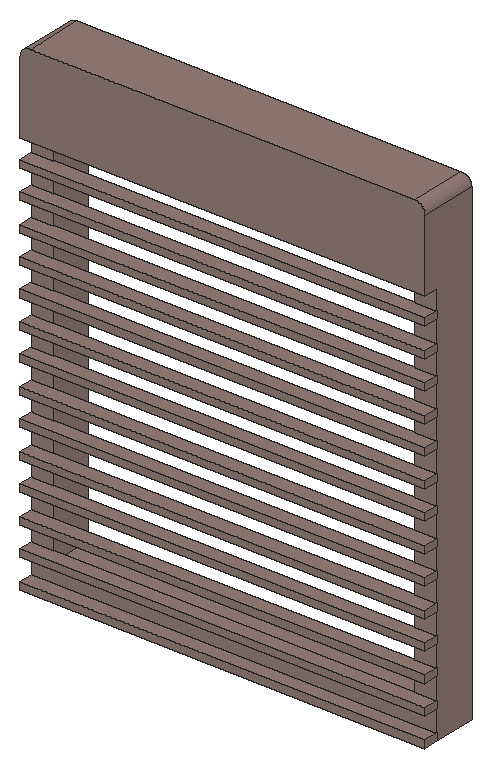
Revit family "Lighting-Exterior_Accent", category Lighting Fixtures, Revit 2026
Family settings
  Round Connector Dimension = Use Diameter
  Part Type = Normal
  Classification Number = 23.80.70.14
  Work Plane-Based = No
  Always vertical = Yes
  Cut with Voids When Loaded = No
  Light Source = Yes
  Maintain Annotation Orientation = No
  Shared = No
  Room Calculation Point = No
Parameters (values of type "ByType")
  Wattage = 12.1178 W
  Warranty Duration (Years) = 1
  built-in parameter 1150110 = 1 (stored number, unit not read)
  Voltage = 120
  built-in parameter 1114217 = 1 (stored number, unit not read)
  Test Data = ""
  built-in parameter 1150109 = 1 (stored number, unit not read)
  built-in parameter 1150134 = 3
  built-in parameter 1150113 = 1 (stored number, unit not read)
  Specification = "http://www.arcat.com/divs/sec/sec16520.shtml"
  Shade Material [instance] = ARCAT - Metal, Bronze
  Shade Diameter [instance] = 1' - 4"
  Sales Information = ""
  Radius [instance] = Shade Diameter / 2  # 0' - 8"
  Product Properties = "http://www.arcat.com/bim/bim_info.pl?fn=Lamp_Table"
  Product Data = "http://www.arcat.com/divs/sec/sec16520.shtml"
  Model = "Exterior Accent Luminary"
  Manufacturer Website = "http://www.arcat.com/"
  Manufacturer Phone - Toll Free = ""
  Manufacturer Phone = "(203) 929-9444"  # constant formula
  Manufacturer Fax = "(203) 929-2444"  # constant formula
  Manufacturer Email = "bim@arcat.com"  # constant formula
  Manufacturer Address = "1077 Bridgeport Ave, Shelton, CT  06484"  # constant formula
  Manufacturer = "Generic"  # constant formula
  Maintenance Schedule (Months) = 12
  built-in parameter 1150105 = 572.96 (stored number, unit not read)
  Lumens = 1800 lm
  built-in parameter 1150115 = 1 (stored number, unit not read)
  Light Source Symbol Size = 0' - 6"
  built-in parameter 1150137 = (empty or 0)
  built-in parameter 1150139 = (empty or 0)
  built-in parameter 1150112 = 1 (stored number, unit not read)
  built-in parameter 1150114 = 1 (stored number, unit not read)
  Lamp Accent Finish [instance] = ARCAT - Plastic, Grey
  Lamp = "E26/A19"
  Keynote = "16520"
  Installation-Fabrication = ""
  Installation Phase = ""
  built-in parameter 1150132 = 2
  built-in parameter 1150102 = (empty or 0)
  built-in parameter 1150107 = 3200 (stored number, unit not read)
  built-in parameter 1150138 = (empty or 0)
  built-in parameter 1150106 = 5.7296 (stored number, unit not read)
  Height Lamp = 1' - 2"
  Green Building-LEED = "http://www.arcat.com/green/green_building.shtml"
  Expected Lifespan (Years) = 20
  built-in parameter 1150104 = 13.8 (stored number, unit not read)
  Drawn By = "Robert S. Weygant. CSI, CDT, SCIP"  # constant formula
  Dimming Lamp Color Temperature Shift = <None>
  Description = "Exterior Accent Luminary as Specified in 16520"
  Default Elevation = 0' - 0"
  Copyright = "2008, ARCAT, Inc."  # constant formula
  Construction Details = "http://www.arcat.com/divs/sec/sec16520.shtml"
  Color Filter = 16777215
  Bulb Type = Incandescent_Bulb : 60 Watt Incandescent
  Bulb Life-Hrs [instance] = 10000
  Building Codes = ""
  built-in parameter 1114218 = 1 (stored number, unit not read)
  built-in parameter 1150133 = 10 (stored number, unit not read)
  Assembly Code = "D5020200"
  Array = (Height Lamp / (1' 0" / 12))  # 14
  Amperage = 0.5
  A = 1' - 2"
Reference planes (in)
  plane 1 "Light Source Axis (F/B)": y = 0
  plane 2: z = 0
  plane 3 "Light Source Axis (L/R)": x = 0
  plane 4 "Light Source Elevation": z = 30
  plane 5: z = 0
  plane 6: x = 0
  plane 7: x = -7
  plane 8: x = 7
  plane 9: z = 23
  plane 10: z = 37
Forms (in)
  Sweep 1, solid, not visible
    path origin (0, 0, 0) x (1, 0, 0) y (0, 1, 0)
      loop
        circle (0, 0) r 7.5
    profile origin (0, 7.5, 0) x (0, -1, 0) y (0, 0, 1)
      loop
        line (0.25, 17.25) -> (0.28254, 17.25) -> (5.97194, 24.5) -> (5.93939, 24.5) -> (0.25, 17.25)
  Sweep 2, solid, not visible
    path origin (0, 0, 12.5) x (1, 0, 0) y (0, 1, 0)
      loop
        circle (0, 0) r 0.75
    profile origin (0, 0.75, 12.5) x (0, -1, 0) y (0, 0, 1)
      loop
        line (0.06468, 1.625) -> (0, 1.5) -> (0.73828, 1.5) -> (0.73828, 2.25) -> (0, 2.25) -> (0.06468, 2.125) -> (0, 2) -> (0.06468, 1.875) -> (0, 1.75) -> (0.06468, 1.625)
  Revolve 3, solid, not visible
    sketch origin (0, 0, -2) x (1, 0, 0) y (0, 0, 1)
      loop
        line (0, 16.75) -> (0, 17.48819)
        arc (0, 17.48819) -> (-0.5296, 17.27617) -> (-0.75, 16.75) r 0.73828
        line (-0.75, 16.75) -> (0, 16.75)
      axis (0, 16.75) -> (0, 17.48819)
    angle from 0 to 360
  Extrusion 4, solid, not visible
    sketch origin (0, 0, 15.46875) x (1, 0, 0) y (0, 1, 0)
      loop
        circle (0, 0) r 0.125
    from 0 to 1
  Sweep 5, solid, not visible
    path origin (0, 0, 0) x (1, 0, 0) y (0, 1, 0)
      loop
        circle (0, 0) r 0.5
    profile origin (0, 0.5, 0) x (0, -1, 0) y (0, 0, 1)
      loop
        line (0.46875, 16.46875) -> (0.46875, 17.62889) -> (-0.06583, 17.62889) -> (-0.06583, 16.85487)
        arc (-0.06583, 16.85487) -> (0.08199, 16.57893) -> (0.375, 16.46875) r 0.4447
        line (0.375, 16.46875) -> (0.46875, 16.46875)
  Sweep 6, solid, not visible
    path origin (0, 0, 0) x (1, 0, 0) y (0, 1, 0)
      loop
        circle (0, 0) r 7.25
    profile origin (0, 7.25, 0) x (0, -1, 0) y (0, 0, 1)
      loop
        line (0.25, 17.25) -> (0.28254, 17.25) -> (5.97194, 24.5) -> (5.93939, 24.5) -> (0.25, 17.25)
  Sweep 7, solid, material "ARCAT - Metal, Bronze" <- "Shade Material", not visible
    path origin (0, 0, 0) x (1, 0, 0) y (0, 1, 0)
      loop
        circle (0, 0) r 8
    profile origin (0, 8, 0) x (0, -1, 0) y (0, 0, 1)
      loop
        line (0.25, 17.25) -> (0.28254, 17.25) -> (5.97194, 24.5) -> (5.93939, 24.5) -> (0.25, 17.25)
  Sweep 8, solid, not visible
    path origin (0, 0, 12.5) x (1, 0, 0) y (0, 1, 0)
      loop
        circle (0, 0) r 0.75
    profile origin (0, 0.75, 12.5) x (0, -1, 0) y (0, 0, 1)
      loop
        line (0.06468, 1.625) -> (0, 1.5) -> (0.73828, 1.5) -> (0.73828, 2.25) -> (0, 2.25) -> (0.06468, 2.125) -> (0, 2) -> (0.06468, 1.875) -> (0, 1.75) -> (0.06468, 1.625)
  Revolve 9, solid, not visible
    sketch origin (0, 0, -2) x (1, 0, 0) y (0, 0, 1)
      loop
        line (0, 16.75) -> (0, 17.48819)
        arc (0, 17.48819) -> (-0.5296, 17.27617) -> (-0.75, 16.75) r 0.73828
        line (-0.75, 16.75) -> (0, 16.75)
      axis (0, 16.75) -> (0, 17.48819)
    angle from 0 to 360
  Extrusion 10, solid, not visible
    sketch origin (0, 0, 15.46875) x (1, 0, 0) y (0, 1, 0)
      loop
        circle (0, 0) r 0.125
    from 0 to 1
  Sweep 11, solid, not visible
    path origin (0, 0, 0) x (1, 0, 0) y (0, 1, 0)
      loop
        circle (0, 0) r 0.5
    profile origin (0, 0.5, 0) x (0, -1, 0) y (0, 0, 1)
      loop
        line (0.46875, 16.46875) -> (0.46875, 17.62889) -> (-0.06583, 17.62889) -> (-0.06583, 16.85487)
        arc (-0.06583, 16.85487) -> (0.08199, 16.57893) -> (0.375, 16.46875) r 0.4447
        line (0.375, 16.46875) -> (0.46875, 16.46875)
  Extrusion 12, solid, not visible
    sketch origin (0, 0, 15.46875) x (1, 0, 0) y (0, 1, 0)
      loop
        circle (0, 0) r 0.125
    from 0 to 1
  Sweep 13, solid, not visible
    path origin (0, 0, 0) x (1, 0, 0) y (0, 1, 0)
      loop
        circle (0, 0) r 0.5
    profile origin (0, 0.5, 0) x (0, -1, 0) y (0, 0, 1)
      loop
        line (0.46875, 16.46875) -> (0.46875, 17.62889) -> (-0.06583, 17.62889) -> (-0.06583, 16.85487)
        arc (-0.06583, 16.85487) -> (0.08199, 16.57893) -> (0.375, 16.46875) r 0.4447
        line (0.375, 16.46875) -> (0.46875, 16.46875)
  Sweep 14, solid, material "ARCAT - Plastic, Grey" <- "Lamp Accent Finish", not visible
    path origin (0, 0, 12.5) x (1, 0, 0) y (0, 1, 0)
      loop
        circle (0, 0) r 0.75
    profile origin (0, 0.75, 12.5) x (0, -1, 0) y (0, 0, 1)
      loop
        line (0.06468, 1.625) -> (0, 1.5) -> (0.73828, 1.5) -> (0.73828, 2.25) -> (0, 2.25) -> (0.06468, 2.125) -> (0, 2) -> (0.06468, 1.875) -> (0, 1.75) -> (0.06468, 1.625)
  Sweep 15, solid, material "ARCAT - Plastic, Brown", not visible
    path origin (0, 0, 0) x (1, 0, 0) y (0, 1, 0)
      loop
        circle (0, 0) r 0.5
    profile origin (0, 0.5, 0) x (0, -1, 0) y (0, 0, 1)
      loop
        line (0.46875, 16.46875) -> (0.46875, 17.62889) -> (-0.06583, 17.62889) -> (-0.06583, 16.85487)
        arc (-0.06583, 16.85487) -> (0.08199, 16.57893) -> (0.375, 16.46875) r 0.4447
        line (0.375, 16.46875) -> (0.46875, 16.46875)
  Extrusion 16, solid, material "ARCAT - Metal, Bronze" <- "Shade Material"
    sketch origin (0, 0, 0) x (1, 0, 0) y (0, 0, 1)
      loop
        line (-7, 37) -> (7, 37) -> (7, 39.5)
        arc (7, 39.5) -> (6.89645, 39.75) -> (6.64645, 39.85355) r 0.35355
        line (6.64645, 39.85355) -> (-6.64645, 39.85355)
        arc (-6.64645, 39.85355) -> (-6.89645, 39.75) -> (-7, 39.5) r 0.35355
        line (-7, 39.5) -> (-7, 37)
    from 0 to 2
  Extrusion 17, solid, material "ARCAT - Metal, Bronze" <- "Shade Material"
    sketch origin (0, 0, 0) x (1, 0, 0) y (0, 0, 1)
      loop
        line (-7, 37) -> (-7, 23) -> (7, 23) -> (7, 37) -> (6.25, 37) -> (6.25, 23.89849) -> (-6.25, 23.89849) -> (-6.25, 37) -> (-7, 37)
    from 0 to 1.5
  Blend 18, solid, not visible
    base sketch origin (0, -1.5, 0) x (1, 0, 0) y (0, 0, 1)
      loop
        line (-7, 24) -> (7, 24) -> (7, 24.34626) -> (-7, 24.34626) -> (-7, 24)
    top sketch origin (0, -1.5, 0) x (1, 0, 0) y (0, 0, 1)
      loop
        line (7, 24) -> (7, 24.06404) -> (-7, 24.06404) -> (-7, 24) -> (7, 24)
    from 0 to 0.5
  Extrusion 19, solid, material "ARCAT - Metal, Bronze" <- "Shade Material"
    sketch origin (0, 0, 0) x (1, 0, 0) y (0, 0, 1)
      loop
        line (-7, 23) -> (7, 23) -> (7, 23.25) -> (-7, 23.25) -> (-7, 23)
    from 1.5 to 2
  Extrusion 20, solid, material "ARCAT - Metal, Bronze" <- "Shade Material"
    sketch origin (0, 0, 1.00549) x (1, 0, 0) y (0, 0, 1)
      loop
        line (-7, 23) -> (7, 23) -> (7, 23.25) -> (-7, 23.25) -> (-7, 23)
    from 1.5 to 2
  Extrusion 21, solid, material "ARCAT - Metal, Bronze" <- "Shade Material"
    sketch origin (0, 0, 2.01099) x (1, 0, 0) y (0, 0, 1)
      loop
        line (-7, 23) -> (7, 23) -> (7, 23.25) -> (-7, 23.25) -> (-7, 23)
    from 1.5 to 2
  Extrusion 22, solid, material "ARCAT - Metal, Bronze" <- "Shade Material"
    sketch origin (0, 0, 3.01648) x (1, 0, 0) y (0, 0, 1)
      loop
        line (-7, 23) -> (7, 23) -> (7, 23.25) -> (-7, 23.25) -> (-7, 23)
    from 1.5 to 2
  Extrusion 23, solid, material "ARCAT - Metal, Bronze" <- "Shade Material"
    sketch origin (0, 0, 4.02198) x (1, 0, 0) y (0, 0, 1)
      loop
        line (-7, 23) -> (7, 23) -> (7, 23.25) -> (-7, 23.25) -> (-7, 23)
    from 1.5 to 2
  Extrusion 24, solid, material "ARCAT - Metal, Bronze" <- "Shade Material"
    sketch origin (0, 0, 5.02747) x (1, 0, 0) y (0, 0, 1)
      loop
        line (-7, 23) -> (7, 23) -> (7, 23.25) -> (-7, 23.25) -> (-7, 23)
    from 1.5 to 2
  Extrusion 25, solid, material "ARCAT - Metal, Bronze" <- "Shade Material"
    sketch origin (0, 0, 6.03297) x (1, 0, 0) y (0, 0, 1)
      loop
        line (-7, 23) -> (7, 23) -> (7, 23.25) -> (-7, 23.25) -> (-7, 23)
    from 1.5 to 2
  Extrusion 26, solid, material "ARCAT - Metal, Bronze" <- "Shade Material"
    sketch origin (0, 0, 7.03846) x (1, 0, 0) y (0, 0, 1)
      loop
        line (-7, 23) -> (7, 23) -> (7, 23.25) -> (-7, 23.25) -> (-7, 23)
    from 1.5 to 2
  Extrusion 27, solid, material "ARCAT - Metal, Bronze" <- "Shade Material"
    sketch origin (0, 0, 8.04396) x (1, 0, 0) y (0, 0, 1)
      loop
        line (-7, 23) -> (7, 23) -> (7, 23.25) -> (-7, 23.25) -> (-7, 23)
    from 1.5 to 2
  Extrusion 28, solid, material "ARCAT - Metal, Bronze" <- "Shade Material"
    sketch origin (0, 0, 9.04945) x (1, 0, 0) y (0, 0, 1)
      loop
        line (-7, 23) -> (7, 23) -> (7, 23.25) -> (-7, 23.25) -> (-7, 23)
    from 1.5 to 2
  Extrusion 29, solid, material "ARCAT - Metal, Bronze" <- "Shade Material"
    sketch origin (0, 0, 10.05495) x (1, 0, 0) y (0, 0, 1)
      loop
        line (-7, 23) -> (7, 23) -> (7, 23.25) -> (-7, 23.25) -> (-7, 23)
    from 1.5 to 2
  Extrusion 30, solid, material "ARCAT - Metal, Bronze" <- "Shade Material"
    sketch origin (0, 0, 11.06044) x (1, 0, 0) y (0, 0, 1)
      loop
        line (-7, 23) -> (7, 23) -> (7, 23.25) -> (-7, 23.25) -> (-7, 23)
    from 1.5 to 2
  Extrusion 31, solid, material "ARCAT - Metal, Bronze" <- "Shade Material"
    sketch origin (0, 0, 12.06593) x (1, 0, 0) y (0, 0, 1)
      loop
        line (-7, 23) -> (7, 23) -> (7, 23.25) -> (-7, 23.25) -> (-7, 23)
    from 1.5 to 2
  Extrusion 32, solid, material "ARCAT - Metal, Bronze" <- "Shade Material"
    sketch origin (0, 0, 13.07143) x (1, 0, 0) y (0, 0, 1)
      loop
        line (-7, 23) -> (7, 23) -> (7, 23.25) -> (-7, 23.25) -> (-7, 23)
    from 1.5 to 2
Cuts and joins
  joined: Extrusion 16, Extrusion 17
Dimensions and locks (in)
  locked: plane 4 "Light Source Elevation" to level at 30
  "Radius": plane 6 to Sweep 7 sketch curve
  locked: plane 7 to plane 8 at 14
  "Height Lamp": plane 10 to plane 9
  equal spacing: plane 10, plane 4 "Light Source Elevation", plane 9
  equal spacing: Extrusion 19, imposter light, Extrusion 19
  Extrusion 20 to Extrusion 20 = 1' - 2"
  equal spacing: group 10, group 11, group 12, group 13, group 14, group 15, group 16, group 17, group 18, group 19, group 20, group 21, group 22, group 23  (x3)
  Extrusion 21 to Extrusion 21 = 1' - 2"
  Extrusion 22 to Extrusion 22 = 1' - 2"
  Extrusion 23 to Extrusion 23 = 1' - 2"
  Extrusion 24 to Extrusion 24 = 1' - 2"
  Extrusion 25 to Extrusion 25 = 1' - 2"
  Extrusion 26 to Extrusion 26 = 1' - 2"
  Extrusion 27 to Extrusion 27 = 1' - 2"
  Extrusion 28 to Extrusion 28 = 1' - 2"
  Extrusion 29 to Extrusion 29 = 1' - 2"
  Extrusion 30 to Extrusion 30 = 1' - 2"
  Extrusion 31 to Extrusion 31 = 1' - 2"
  "A": Extrusion 19 sketch curve to Extrusion 19 sketch curve
  "A": Extrusion 20 sketch curve to Extrusion 20 sketch curve
  "A": Extrusion 21 sketch curve to Extrusion 21 sketch curve
  "A": Extrusion 22 sketch curve to Extrusion 22 sketch curve
  "A": Extrusion 23 sketch curve to Extrusion 23 sketch curve
  "A": Extrusion 24 sketch curve to Extrusion 24 sketch curve
  "A": Extrusion 25 sketch curve to Extrusion 25 sketch curve
  "A": Extrusion 26 sketch curve to Extrusion 26 sketch curve
  "A": Extrusion 27 sketch curve to Extrusion 27 sketch curve
  "A": Extrusion 28 sketch curve to Extrusion 28 sketch curve
  "A": Extrusion 29 sketch curve to Extrusion 29 sketch curve
  "A": Extrusion 30 sketch curve to Extrusion 30 sketch curve
  "A": Extrusion 31 sketch curve to Extrusion 31 sketch curve
  equal spacing: plane 7, plane 3 "Light Source Axis (L/R)", plane 8
  Extrusion 32 to Extrusion 32 = 1' - 2"
  "A": Extrusion 32 sketch curve to Extrusion 32 sketch curve
  aligned and locked: plane 10 to Extrusion 16 sketch curve
  aligned and locked: Extrusion 17 sketch curve to plane 9
  aligned and locked: Extrusion 17 sketch curve to plane 10  (x2)
  aligned and locked: plane 7 to Extrusion 17 sketch curve
  aligned and locked: Extrusion 17 sketch curve to plane 8
  aligned and locked: Extrusion 16 sketch curve to plane 7
  aligned and locked: Extrusion 16 sketch curve to plane 8
  aligned and locked: Extrusion 19 to plane 9
  aligned and locked: plane 7 to Extrusion 19
  aligned and locked: Extrusion 19 to plane 8
  aligned and locked: cut or joined group of Extrusion 16, Extrusion 17 to Extrusion 19
  aligned and locked: plane 4 "Light Source Elevation" to imposter light
  aligned and locked: imposter light to plane 1 "Light Source Axis (F/B)"
Automatic sketch dimensions
  Sweep 1 sketch curve to profile plane = 0' - 0 1/4"
  Sweep 1 sketch curve to Sweep 1 sketch curve = 0' - 0.03254"  (x2)
  Sweep 1 sketch curve to profile plane = 0' - 5.93939"
  Sweep 1 sketch curve to Sweep 1 sketch curve = 0' - 7 1/4"
  profile plane to Sweep 1 sketch curve = 1' - 5 1/4"
  Sweep 2 sketch curve to profile plane = 0' - 0"  (x4)
  Sweep 2 sketch curve to profile plane = 0' - 0.06468"  (x3)
  Sweep 2 sketch curve to Sweep 2 sketch curve = 0' - 0.6736"
  profile plane to Sweep 2 sketch curve = 0' - 1 1/2"
  Sweep 2 sketch curve to Sweep 2 sketch curve = 0' - 0 1/8"  (x6)
  Revolve 3 sketch curve to Revolve 3 sketch curve = 0' - 0 189/256"
  Revolve 3 sketch curve to Revolve 3 sketch curve = 0' - 0"  (x2)
  Revolve 3 sketch curve to Revolve 3 sketch curve = 0' - 0.00009"
  profile plane to Sweep 5 sketch curve = 0' - 0.06583"
  Sweep 5 sketch curve to profile plane = 0' - 0 3/8"
  Sweep 5 sketch curve to profile plane = 0' - 0 15/32"
  Sweep 5 sketch curve to Sweep 5 sketch curve = 0' - 0.38612"
  Sweep 5 sketch curve to Sweep 5 sketch curve = 0' - 0.71544"
  Revolve 3 sketch curve to Revolve 3 sketch curve = 0' - 0 3/256"
  profile plane to Sweep 5 sketch curve = 1' - 4 15/32"
  Sweep 6 sketch curve to profile plane = 0' - 0 1/4"
  Sweep 6 sketch curve to Sweep 6 sketch curve = 0' - 0.03254"  (x2)
  Sweep 6 sketch curve to profile plane = 0' - 5.93939"
  Sweep 6 sketch curve to Sweep 6 sketch curve = 0' - 7 1/4"
  profile plane to Sweep 6 sketch curve = 1' - 5 1/4"
  Sweep 7 sketch curve to profile plane = 0' - 0 1/4"
  Sweep 7 sketch curve to Sweep 7 sketch curve = 0' - 0.03254"  (x2)
  Sweep 7 sketch curve to profile plane = 0' - 5.93939"
  Sweep 7 sketch curve to Sweep 7 sketch curve = 0' - 7 1/4"
  profile plane to Sweep 7 sketch curve = 1' - 5 1/4"
  Sweep 7 sketch curve to plane 6 = 0' - 0"
  Sweep 8 sketch curve to profile plane = 0' - 0"  (x4)
  Sweep 8 sketch curve to profile plane = 0' - 0.06468"  (x3)
  Sweep 8 sketch curve to Sweep 8 sketch curve = 0' - 0.6736"
  profile plane to Sweep 8 sketch curve = 0' - 1 1/2"
  Sweep 8 sketch curve to Sweep 8 sketch curve = 0' - 0 1/8"  (x6)
  Revolve 9 sketch curve to Revolve 9 sketch curve = 0' - 0 189/256"
  Revolve 9 sketch curve to Revolve 9 sketch curve = 0' - 0"  (x2)
  Revolve 9 sketch curve to Revolve 9 sketch curve = 0' - 0.00009"
  profile plane to Sweep 11 sketch curve = 0' - 0.06583"
  Sweep 11 sketch curve to profile plane = 0' - 0 3/8"
  Sweep 11 sketch curve to profile plane = 0' - 0 15/32"
  Sweep 11 sketch curve to Sweep 11 sketch curve = 0' - 0.38612"
  Sweep 11 sketch curve to Sweep 11 sketch curve = 0' - 0.71544"
  Revolve 9 sketch curve to Revolve 9 sketch curve = 0' - 0 3/256"
  profile plane to Sweep 11 sketch curve = 1' - 4 15/32"
  profile plane to Sweep 13 sketch curve = 0' - 0.06583"
  Sweep 13 sketch curve to profile plane = 0' - 0 3/8"
  Sweep 13 sketch curve to profile plane = 0' - 0 15/32"
  Sweep 13 sketch curve to Sweep 13 sketch curve = 0' - 0.38612"
  Sweep 13 sketch curve to Sweep 13 sketch curve = 0' - 0.71544"
  profile plane to Sweep 13 sketch curve = 1' - 4 15/32"
  Sweep 14 sketch curve to profile plane = 0' - 0"  (x4)
  Sweep 14 sketch curve to profile plane = 0' - 0.06468"  (x3)
  Sweep 14 sketch curve to Sweep 14 sketch curve = 0' - 0.6736"
  profile plane to Sweep 14 sketch curve = 0' - 1 1/2"
  Sweep 14 sketch curve to Sweep 14 sketch curve = 0' - 0 1/8"  (x6)
  profile plane to Sweep 15 sketch curve = 0' - 0.06583"
  Sweep 15 sketch curve to profile plane = 0' - 0 3/8"
  Sweep 15 sketch curve to profile plane = 0' - 0 15/32"
  Sweep 15 sketch curve to Sweep 15 sketch curve = 0' - 0.38612"
  Sweep 15 sketch curve to Sweep 15 sketch curve = 0' - 0.71544"
  profile plane to Sweep 15 sketch curve = 1' - 4 15/32"
  Blend 18 sketch curve to Blend 18 sketch curve = 1' - 2"  (x2)
  Blend 18 sketch curve to Blend 18 sketch curve = 0' - 0.34626"
  Blend 18 sketch curve to Blend 18 sketch curve = 0' - 0.06404"
  Extrusion 19 sketch curve to Extrusion 19 sketch curve = 0' - 0 1/4"
  Extrusion 20 sketch curve to Extrusion 20 sketch curve = 0' - 0 1/4"
  Extrusion 21 sketch curve to Extrusion 21 sketch curve = 0' - 0 1/4"
  Extrusion 22 sketch curve to Extrusion 22 sketch curve = 0' - 0 1/4"
  Extrusion 23 sketch curve to Extrusion 23 sketch curve = 0' - 0 1/4"
  Extrusion 24 sketch curve to Extrusion 24 sketch curve = 0' - 0 1/4"
  Extrusion 25 sketch curve to Extrusion 25 sketch curve = 0' - 0 1/4"
  Extrusion 26 sketch curve to Extrusion 26 sketch curve = 0' - 0 1/4"
  Extrusion 27 sketch curve to Extrusion 27 sketch curve = 0' - 0 1/4"
  Extrusion 28 sketch curve to Extrusion 28 sketch curve = 0' - 0 1/4"
  Extrusion 29 sketch curve to Extrusion 29 sketch curve = 0' - 0 1/4"
  Extrusion 30 sketch curve to Extrusion 30 sketch curve = 0' - 0 1/4"
  Extrusion 31 sketch curve to Extrusion 31 sketch curve = 0' - 0 1/4"
  Extrusion 32 sketch curve to Extrusion 32 sketch curve = 0' - 0 1/4"
  Extrusion 16 sketch curve to plane 7 = 0' - 0.35355"
  plane 8 to Extrusion 16 sketch curve = 0' - 0.35355"
  Extrusion 16 sketch curve to plane 10 = 0' - 2 1/2"
  Extrusion 17 sketch curve to plane 7 = 0' - 0 3/4"
  plane 8 to Extrusion 17 sketch curve = 0' - 0 3/4"
  plane 9 to Extrusion 17 sketch curve = 0' - 0.89849"
  radius of Sweep 1 sketch curve = 0' - 7 1/2"
  radius of Sweep 2 sketch curve = 0' - 0 3/4"
  radius of Extrusion 4 sketch curve = 0' - 0 1/8"
  radius of Sweep 5 sketch curve = 0' - 0 1/2"
  radius of Sweep 6 sketch curve = 0' - 7 1/4"
  radius of Sweep 8 sketch curve = 0' - 0 3/4"
  radius of Extrusion 10 sketch curve = 0' - 0 1/8"
  radius of Sweep 11 sketch curve = 0' - 0 1/2"
  radius of Extrusion 12 sketch curve = 0' - 0 1/8"
  radius of Sweep 13 sketch curve = 0' - 0 1/2"
  radius of Sweep 14 sketch curve = 0' - 0 3/4"
  radius of Sweep 15 sketch curve = 0' - 0 1/2"
